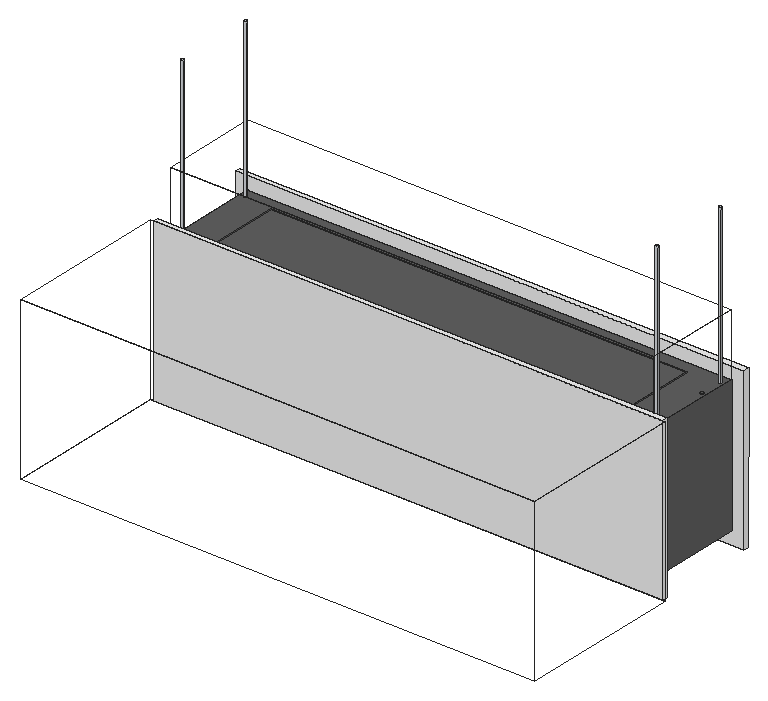
Revit family "AIRTECNICS_AIR CURTAIN_ZEN BB_ELECTRICAL HEATED (E)", category Equipos mecánicos, Revit 2016
Family settings
  Tipo de pieza = Normal
  Cota de conector redondo = Diámetro de uso
  Número OmniClass = 23.75.70.21.17
  Título OmniClass = Air Curtains
  Se basa en plano de trabajo = No
  Siempre vertical = Sí
  Corte con vacíos al cargar = No
  Compartido = No
  Punto de cálculo de habitación = No
Parameters (values of type "ZEN BB 1500 E")
  · POSITION · [instance] = "-/ Select Curtain Position /-"  # constant formula
  · OTHERS · [instance] = "-/ Select Supports - Inst.Maint. Space /-"  # constant formula
  · HEATING · [instance] = "-/ Select Heating /-"  # constant formula
  Weight [instance] = size_lookup(Name_Lookup_Data, "Weight", 1.00 kg, CT)  # 71.50 kg
  Voltage [instance] = 400 V  # constant formula
  Vertical Right [instance] = no
  Vertical Left [instance] = no
  URL_Manufacturer = "https://www.airtecnics.com"
  URL_Datasheet = "https://www.airtecnics.com/download/file/7538/zen-bb.pdf"
  Supports Length [instance] = 500.0 mm
  Supports (Horizontal) [instance] = yes
  Revit Version = "Revit 2016 - English"  # constant formula
  Review Date = "02/2019"  # constant formula
  Remote Control = "-"  # constant formula
  URL = "https://www.airtecnics.com/products/air-curtain-zen-bb"
  Product Size = if(L = 1000.0 mm, "1000", if(L = 1500.0 mm, "1500", if(L = 2000.0 mm, "2000", "2500")))  # "1500"
  Product Reference [instance] = size_lookup(Name_Lookup_Ref, "", "Consult Manufacturer", CT)  # "ZEN BB 1500 E"
  Product Heating [instance] = if(CE = 0, "E Standard", if(CE = 2, "E Limited 1/3", "E Limited 2/3"))  # "E Standard"
  Product Description [instance] = size_lookup(Name_Lookup_Data, "", "Consult Manufacturer", CT)  # "Decorative air curtain in contemporary architectural style. Its minimalist and smart design integrates in any environment and offers infinite options to customize.\r\nThe panels can include logos, lighting, signage, safety or information signs, graphics, pictures, clocks, all according to customer specifications.\r\nFront anodized aluminium panels. Optionally manufactured in brushed or mirror polished stainless steel. Other materials are possible, such as galvanized steel, smooth or texturated skinplate, wood, etc.\r\nCentral structure made of galvanized steel finished in black forge as standard. Other colours are available on request. \r\nAnodized aluminium outlet vanes, airfoil shaped, adjustable in both directions.\r\nEC Double-inlet centrifugal fans driven by an external rotor motor and low noise level, with very low consumption efficency fans.\r\n“E” type with electrical shielded elements, three stages with integrated regulation. \r\nIncludes Clever control (programmable, automatic, intelligent, energy saving, Modbus RTU for BMS…)\r\nAir Volume: 5360 m3/h \r\nFans:  1,164 kW  5,16 A 230Vx1 50/60Hz\r\nHeating power: 8/19/27 kW (400Vx3)\r\nDimensions: 341x513x1620 mm (depth, height, length)"
  Power Fans Factor [instance] = (Power Fans) / (230 V * Current Fans)  # 0.98079
  Power Fans [instance] = size_lookup(Name_Lookup_Data, "Power Fans", 1 kW, CT)  # 1.164 kW
  Power Factor [instance] = size_lookup(Name_Lookup_Data, "Power Factor", 1, CT)  # 0.98
  Noise Level (dB(A)) [instance] = size_lookup(Name_Lookup_Data, "Noise Level (dB(A))", 1, CT)  # 67
  Name_Lookup_Ref = "ZEN BB_(E)_Ref_Lookup"  # constant formula
  Name_Lookup_Data = "ZEN BB_(E)_Data_Lookup"  # constant formula
  Modelo = "Air Curtain ZEN BB E"  # constant formula
  Material Panels [instance] = AIRTECNICS_Alumium Anodized
  Material Grille = AIRTECNICS_Perforated_Black Forge
  Material Curtain [instance] = AIRTECNICS_Black Forge
  Length = if(L = 1000.0 mm, 1220.0 mm, if(L = 1500.0 mm, 1620.0 mm, if(L = 2000.0 mm, 2120.0 mm, 2620.0 mm)))  # 1620.0 mm
  Height = 513.0 mm  # constant formula
  Frequency = 50 Hz  # constant formula
  Fans Stage = 5  # constant formula
  Family Version = "1.0"  # constant formula
  Electrical Heating Capacity (kW) [instance] = size_lookup("ZEN BB_(E)_Ref Electrical_Lookup", "", "Consult Manufacturer", CT, CE)  # "8/19/27"
  Electrical + Current Fans [instance] = size_lookup(Name_Lookup_Data, "Electrical + Current Fans", 1 A, CT)  # 44.18 A
  E Standard [instance] = if(or([E Limited 1/3], [E Limited 2/3]), 1 = 0, 1 = 1)  # yes
  E Limited 2/3 [instance] = no
  E Limited 1/3 [instance] = no
  Depth = 341.0 mm  # constant formula
  Current Fans [instance] = size_lookup(Name_Lookup_Data, "Current Fans", 1 A, CT)  # 5.16 A
  Created by = "BIMETRICAL"  # constant formula
  Control [instance] = "Clever Kit"  # constant formula
  Cable = "CB10"  # constant formula
  CT [instance] = if(L = 1000.0 mm, 2, 0) + if(L = 1500.0 mm, 4, 0) + if(L = 2000.0 mm, 8, 0) + if(L = 2500.0 mm, 16, 0)  # 4
  CE [instance] = if([E Limited 1/3], 2, 0) + if([E Limited 2/3], 4, 0)  # 0
  Aspiration/Maintenance Space [instance] = yes
  Airflow [instance] = size_lookup(Name_Lookup_Data, "Airflow", 1 m³/h, CT)  # 5360 m³/h
  A [instance] = if(Horizontal, 256.5 mm, if(L < 1500.0 mm, (1220.0 mm / 2) + 18.0 mm, (L + 120.0 mm) / 2 + 18.0 mm))  # 256.5 mm
  L = 1500.0 mm
  Imagen de tipo = <Ninguno>
  IfcExportType = "ELECTRICHEATINGCOIL"  # constant formula
  IfcExportAs = "IfcCoilType"  # constant formula
  Horizontal [instance] = if(or(Vertical Left, Vertical Right), 1 = 0, 1 = 1)  # yes
  Fabricante = "AIRTECNICS"  # constant formula
  Description = ""
  Comentarios de tipo = "Decorative air curtain in contemporary architectural style. Its minimalist and smart design integrates in any environment and offers infinite options to customize.\r\nThe panels can include logos, lighting, signage, safety or information signs, graphics, pictures, clocks, all according to customer specifications.\r\nFront anodized aluminium panels. Optionally manufactured in brushed or mirror polished stainless steel. Other materials are possible, such as galvanized steel, smooth or texturated skinplate, wood, etc.\r\nCentral structure made of galvanized steel finished in black forge as standard. Other colours are available on request. \r\nAnodized aluminium outlet vanes, airfoil shaped, adjustable in both directions.\r\nEC Double-inlet centrifugal fans driven by an external rotor motor and low noise level, with very low consumption efficency fans.\r\n“P” type with water heated coil. “E” type with electrical shielded elements, three stages with integrated regulation. “A” type without heating, air only. Optional expansion DX coil.\r\nIncludes Clever control (programmable, automatic, intelligent, energy saving, Modbus RTU for BMS…)"  # constant formula
  BIMETRICAL Category = "Coil"  # constant formula
  BIMETRICAL = "http://www.bimetrical.com"  # constant formula
  Angle [instance] = if(Horizontal, 90.00°, if(Vertical Left, 180.00°, 0.00°))  # 90.00°
  3rd Phase [instance] = size_lookup(Name_Lookup_Data, "3rd Phase", 1 VA, CT)  # 9000 VA
  2nd Phase [instance] = size_lookup(Name_Lookup_Data, "2nd Phase", 1 VA, CT)  # 9000 VA
  1st Phase [instance] = size_lookup(Name_Lookup_Data, "1st Phase", 1 VA, CT)  # 10164 VA
Types (4, lengths in mm): name | Weight | Product Size | Product Reference | Product Description | Power Fans | Noise Level (dB(A)) | Length | Electrical Heating Capacity (kW) | Electrical + Current Fans | Current Fans | CT | Airflow | L | 3rd Phase | 2nd Phase | 1st Phase
  ZEN BB 1000 E | 49.50 kg | "1000" | "ZEN BB 1000 E" | "Decorative air curtain in contemporary architectural style. Its minimalist and smart design integrates in any environment and offers infinite options to customize.\r\nThe panels can include logos, lighting, signage, safety or information signs, graphics, pictures, clocks, all according to customer specifications.\r\nFront anodized aluminium panels. Optionally manufactured in brushed or mirror polished stainless steel. Other materials are possible, such as galvanized steel, smooth or texturated skinplate, wood, etc.\r\nCentral structure made of galvanized steel finished in black forge as standard. Other colours are available on request. \r\nAnodized aluminium outlet vanes, airfoil shaped, adjustable in both directions.\r\nEC Double-inlet centrifugal fans driven by an external rotor motor and low noise level, with very low consumption efficency fans.\r\n“E” type with electrical shielded elements, three stages with integrated regulation. \r\nIncludes Clever control (programmable, automatic, intelligent, energy saving, Modbus RTU for BMS…)\r\nAir Volume: 4020 m3/h \r\nFans:  0,873 kW  3,87 A 230Vx1 50/60Hz\r\nHeating power: 6/15/21 kW (400Vx3)\r\nDimensions: 341x513x1220 mm (depth, height, length)" | 0.873 kW | 66 | 1220.0 | "6/15/21" | 34.22 A | 3.87 A | 2 | 4020 m³/h | 1000.0 | 7000 VA | 7000 VA | 7873 VA
  ZEN BB 1500 E | 71.50 kg | "1500" | "ZEN BB 1500 E" | "Decorative air curtain in contemporary architectural style. Its minimalist and smart design integrates in any environment and offers infinite options to customize.\r\nThe panels can include logos, lighting, signage, safety or information signs, graphics, pictures, clocks, all according to customer specifications.\r\nFront anodized aluminium panels. Optionally manufactured in brushed or mirror polished stainless steel. Other materials are possible, such as galvanized steel, smooth or texturated skinplate, wood, etc.\r\nCentral structure made of galvanized steel finished in black forge as standard. Other colours are available on request. \r\nAnodized aluminium outlet vanes, airfoil shaped, adjustable in both directions.\r\nEC Double-inlet centrifugal fans driven by an external rotor motor and low noise level, with very low consumption efficency fans.\r\n“E” type with electrical shielded elements, three stages with integrated regulation. \r\nIncludes Clever control (programmable, automatic, intelligent, energy saving, Modbus RTU for BMS…)\r\nAir Volume: 5360 m3/h \r\nFans:  1,164 kW  5,16 A 230Vx1 50/60Hz\r\nHeating power: 8/19/27 kW (400Vx3)\r\nDimensions: 341x513x1620 mm (depth, height, length)" | 1.164 kW | 67 | 1620.0 | "8/19/27" | 44.18 A | 5.16 A | 4 | 5360 m³/h | 1500.0 | 9000 VA | 9000 VA | 10164 VA
  ZEN BB 2000 E | 99.00 kg | "2000" | "ZEN BB 2000 E" | "Decorative air curtain in contemporary architectural style. Its minimalist and smart design integrates in any environment and offers infinite options to customize.\r\nThe panels can include logos, lighting, signage, safety or information signs, graphics, pictures, clocks, all according to customer specifications.\r\nFront anodized aluminium panels. Optionally manufactured in brushed or mirror polished stainless steel. Other materials are possible, such as galvanized steel, smooth or texturated skinplate, wood, etc.\r\nCentral structure made of galvanized steel finished in black forge as standard. Other colours are available on request. \r\nAnodized aluminium outlet vanes, airfoil shaped, adjustable in both directions.\r\nEC Double-inlet centrifugal fans driven by an external rotor motor and low noise level, with very low consumption efficency fans.\r\n“E” type with electrical shielded elements, three stages with integrated regulation. \r\nIncludes Clever control (programmable, automatic, intelligent, energy saving, Modbus RTU for BMS…)\r\nAir Volume: 8040 m3/h \r\nFans:  1,746 kW  7,74 A 230Vx1 50/60Hz\r\nHeating power: 12/30/42 kW (400Vx3)\r\nDimensions: 341x513x2120 mm (depth, height, length)" | 1.746 kW | 68 | 2120.0 | "12/30/42" | 68.43 A | 7.74 A | 8 | 8040 m³/h | 2000.0 | 14000 VA | 14000 VA | 15746 VA
  ZEN BB 2500 E | 120.00 kg | "2500" | "ZEN BB 2500 E" | "Decorative air curtain in contemporary architectural style. Its minimalist and smart design integrates in any environment and offers infinite options to customize.\r\nThe panels can include logos, lighting, signage, safety or information signs, graphics, pictures, clocks, all according to customer specifications.\r\nFront anodized aluminium panels. Optionally manufactured in brushed or mirror polished stainless steel. Other materials are possible, such as galvanized steel, smooth or texturated skinplate, wood, etc.\r\nCentral structure made of galvanized steel finished in black forge as standard. Other colours are available on request. \r\nAnodized aluminium outlet vanes, airfoil shaped, adjustable in both directions.\r\nEC Double-inlet centrifugal fans driven by an external rotor motor and low noise level, with very low consumption efficency fans.\r\n“E” type with electrical shielded elements, three stages with integrated regulation. \r\nIncludes Clever control (programmable, automatic, intelligent, energy saving, Modbus RTU for BMS…)\r\nAir Volume: 9380 m3/h \r\nFans:  2,037 kW  9,03 A 230Vx1 50/60Hz\r\nHeating power: 16/30/46 kW (400Vx3)\r\nDimensions: 341x513x2620 mm (depth, height, length)" | 2.037 kW | 69 | 2620.0 | "16/30/46" | 75.5 A | 9.03 A | 16 | 9380 m³/h | 2500.0 | 15333 VA | 15333 VA | 17370 VA
Reference planes
  plane 1 "Centro (Frontal/Posterior)": z = 0
  plane 2: y = 246.57
  plane 3 "Centro (Izquierda/Derecha)": x = 0
  plane 4 "Susp": z = 256.5
Lines and regions (mm)
  reference lines
    curve 1: line (0, 246.57, 256.5) -> (0, 246.57, 111.5)
Dimensions and locks
  "A": plane 4 "Susp" to plane 1 "Centro (Frontal/Posterior)"
  "Angle": angle plane 4 "Susp" to curve 1
  aligned and locked: plane 3 "Centro (Izquierda/Derecha)" to curve 1
  aligned and locked: plane 4 "Susp" to curve 1
Nested families
  nested 1: "GEOM_ZEN BB" at (0, 246.57, 256.5), type "GEOM_ZEN BB"
    with Z 0.0 mm, Vertical Left no, VME no, VMD no, V1 yes, P no, D_Pipping_Connector 20 mm, Horizontal yes
Connectors
  electrical at (755.5, 301.57, 473), driven by "Voltage", driven by "1st Phase", driven by "2nd Phase", driven by "3rd Phase"
    settings: on nested 1, index 1, voltage 400 V, apparent load 0 VA, apparent load phase1 10164 VA, apparent load phase2 9000 VA, apparent load phase3 9000 VA, power factor 1, load classification "HVAC", number of poles 3, system type 31, power factor state 1, is connector primary yes, connector utility no, sub classification motor no, connector description ""
Definition of nested family "GEOM_ZEN BB"
  Parameters (values of type "GEOM_ZEN BB")
    Z = if(Horizontal, 0.0 mm, if(L = 1000.0 mm, E / 2 + 18.0 mm, E / 2 + 20.0 mm))  # 830.0 mm
    Water Pipes_P4 = no
    Water Pipes_P3 = no
    Water Pipes_P2 = no
    Water Pipes_P1 = no
    Vsup = yes
    Vertical Right = no
    Vertical Left = yes
    VME = if(and(P, Vertical Right, Water Pipes_P4), 1 = 0, if(not(P), 1 = 0, 1 = 1))  # yes
    VMD = if(and(P, Vertical Left, Water Pipes_P1), 1 = 0, if(not(P), 1 = 0, 1 = 1))  # yes
    V1 = if(and(Vsup, Horizontal), 1 = 1, 1 = 0)  # no
    Revit Version = "Revit 2016 - English"  # constant formula
    Review Date = "02/19"  # constant formula
    P = yes
    O = if(L = 1000.0 mm, 54.5 mm, 52.5 mm)  # 52.5 mm
    Model = "ZEN BB"  # constant formula
    Material Perforated = none
    Material Panels = none
    Material Curtain = none
    Family Version = "2.0"  # constant formula
    Manufacturer = "AIRTECNICS"  # constant formula
    M = if(or(and(Vertical Left, Water Pipes_P1), and(Vertical Right, Water Pipes_P4)), 15.0 mm + 58.0 mm, 15.0 mm)  # 15.0 mm
    Lookup_Dimensions.C2_Name = "C2_Dimensions_Lookup"  # constant formula
    Lookup_Dimensions.C1_Name = "C1_Dimensions_Lookup"  # constant formula
    L_Sup = 500.0 mm
    K = if(L = 2500.0 mm, 833.0 mm, 0.0 mm)  # 0.0 mm
    J = if(L = 1500.0 mm, 764.0 mm, if(L = 2000.0 mm, 1014.0 mm, if(L = 2500.0 mm, 847.0 mm, 573.5 mm)))  # 764.0 mm
    H = if(L < 2500.0 mm, 0.0 mm, 817.0 mm + 16.0 mm)  # 0.0 mm
    G = if(L < 2500.0 mm, (E / 2) - 76.0 mm, 817.0 mm)  # 734.0 mm
    D_Pipping_Connector = 25 mm
    Created by = "BIMETRICAL"  # constant formula
    C_P = if(Water Pipes_P1, 1, if(Water Pipes_P2, 2, if(Water Pipes_P3, 4, 8)))  # 8
    C_L = if(L = 1000.0 mm, 1, if(L = 1500.0 mm, 2, if(L = 2000.0 mm, 4, 8)))  # 2
    C2_D = size_lookup(Lookup_Dimensions.C2_Name, "C2_D", 114.0 mm, C_L, C_P)  # 52.5 mm
    C2_C = size_lookup(Lookup_Dimensions.C2_Name, "C2_C", 68.5 mm, C_L, C_P)  # 53.0 mm
    C2_B = size_lookup(Lookup_Dimensions.C2_Name, "C2_B", 92.9 mm, C_L, C_P)  # 1527.05 mm
    C2_A = size_lookup(Lookup_Dimensions.C2_Name, "C2_A", 404.5 mm, C_L, C_P)  # 403.5 mm
    C1_D = size_lookup(Lookup_Dimensions.C1_Name, "C1_D", 54.0 mm, C_L, C_P)  # 291.0 mm
    C1_C = size_lookup(Lookup_Dimensions.C1_Name, "C1_C", 26.5 mm, C_L, C_P)  # 52.95 mm
    C1_B = size_lookup(Lookup_Dimensions.C1_Name, "C1_B", 92.9 mm, C_L, C_P)  # 1527.05 mm
    C1_A = size_lookup(Lookup_Dimensions.C1_Name, "C1_A", 447.5 mm, C_L, C_P)  # 446.5 mm
    L = 1500.0 mm
    I = if(L = 1000.0 mm, L + 140.0 mm, L + 44.0 mm)  # 1544.0 mm
    Horizontal = not(or(Vertical Left, Vertical Right))  # no
    F = I - 54.0 mm  # 1490.0 mm
    E = if(L = 1000.0 mm, L + 220.0 mm, L + 120.0 mm)  # 1620.0 mm
    Default Elevation = 1219.2 mm
    C = if(and(Water Pipes_P4, Horizontal, P), 100.0 mm, if(and(Water Pipes_P4, Vertical Left, P), 100.0 mm, 10.0 mm))  # 10.0 mm
    BIMETRICAL = "http://www.bimetrical.com/"  # constant formula
    B = if(and(Water Pipes_P1, Horizontal, P), 100.0 mm, if(and(Water Pipes_P1, Vertical Right, P), 100.0 mm, 10.0 mm))  # 10.0 mm
    Aspiration/Maintenance Space = yes
    A.Conn_2 = size_lookup(Lookup_Dimensions.C2_Name, "A.Conn_2", 90.00°, C_L, C_P)  # 180.00°
    A.Conn_1 = size_lookup(Lookup_Dimensions.C1_Name, "A.Conn_1", -90.00°, C_L, C_P)  # 180.00°
    A = if(L = 1000.0 mm, L + 115.0 mm, L + 15.0 mm)  # 1515.0 mm
  Reference planes
    plane 1 "Centro (Frontal/Posterior)": y = 0
    plane 2: z = 0
    plane 3 "Centro (Izquierda/Derecha)": x = 0
    plane 4: x = -810
    plane 5: x = 810
    plane 6: x = -770
    plane 7: x = 770
    plane 8: z = 256.5
    plane 9: z = -256.5
    plane 10: z = 216.5
    plane 11: z = -216.5
    plane 12: y = 170.5
    plane 13: y = 154.5
    plane 14: y = -170.5
    plane 15: y = -154.5
    plane 16: x = -745
    plane 17: x = 745
    plane 18: x = 0
    plane 19: x = -5
    plane 20: x = -8
    plane 21: x = 5
    plane 22: x = 8
    plane 23: x = -742
    plane 24: x = 0
    plane 25: x = -5
    plane 26: x = -8
    plane 27: x = 5
    plane 28: x = 8
    plane 29: y = -120.5
    plane 30: x = 717.05
    plane 31: z = 190
    plane 32: y = 118
    plane 33: z = 147
    plane 34: x = 717.05
    plane 35: x = -820
    plane 36: x = 820
    plane 37: y = 133.499
    plane 38: y = 64.222
    plane 39: y = 114.86
    plane 40: y = 82.86
  Forms (mm)
    Extrusion 1, solid
      sketch origin (0, 0, 0) x (1, 0, 0) y (0, 1, 0)
        loop
          line (-1219.2, 1219.2) -> (-1219.2, -1219.2) -> (1219.2, -1219.2) -> (1219.2, 1219.2) -> (-1219.2, 1219.2)
      from 0 to -304.8
    Extrusion 2, solid, material <- "Material Panels"
      sketch origin (0, -170.5, 326.389) x (0, 0, 1) y (1, 0, 0)
        loop
          line (-69.889, -810) -> (-69.889, 810) -> (-582.889, 810) -> (-582.889, -810) -> (-69.889, -810)
      from 0 to 16
    Extrusion 3, solid, material <- "Material Panels"
      sketch origin (0, 154.5, 326.389) x (0, 0, 1) y (1, 0, 0)
        loop
          line (-69.889, -810) -> (-69.889, 810) -> (-582.889, 810) -> (-582.889, -810) -> (-69.889, -810)
      from 0 to 16
    Extrusion 4, solid, material <- "Material Curtain"
      sketch origin (0, 0, 0) x (0, 1, 0) y (0, 0, 1)
        loop
          line (154.5, 216.5) -> (-154.5, 216.5) -> (-154.5, -216.5) -> (154.5, -216.5) -> (154.5, 216.5)
      from -770 to 770
    Extrusion 5, void
      sketch origin (-1104.823, -4572, 216.5) x (-1, 0, 0) y (0, -1, 0)
        loop
          line (-439.823, -4686) -> (-439.823, -4458) -> (-1764.323, -4458) -> (-1764.323, -4686) -> (-439.823, -4686)
      from 0 to -93
    Extrusion 6, solid
      sketch origin (-745, -4572, -102.205) x (0, 0, 1) y (0, -1, 0)
        loop
          line (-114.295, -4654.86) -> (-114.295, -4686.86) -> (-82.295, -4686.86) -> (-82.295, -4654.86) -> (-114.295, -4654.86)
      from 0 to 3
    Extrusion 7, solid
      sketch origin (995, -4572, -102.205) x (0, 0, 1) y (0, 1, 0)
        loop
          line (-114.295, 4686.86) -> (-114.295, 4654.86) -> (-82.295, 4654.86) -> (-82.295, 4686.86) -> (-114.295, 4686.86)
      from 250 to 253
    Extrusion 8, solid
      sketch origin (-8, -4572, -85.115) x (0, 0, 1) y (0, -1, 0)
        loop
          line (-131.385, -4654.86) -> (-131.385, -4686.86) -> (-99.385, -4686.86) -> (-99.385, -4654.86) -> (-131.385, -4654.86)
      from 0 to 3
    Extrusion 9, solid
      sketch origin (-540.688, -4572, -85.115) x (0, 0, 1) y (0, -1, 0)
        loop
          line (-131.385, -4686.86) -> (-99.385, -4686.86) -> (-99.385, -4654.86) -> (-131.385, -4654.86) -> (-131.385, -4686.86)
      from 545.688 to 548.688
    Extrusion 10, solid
      sketch origin (-5, -4572, -85.115) x (0, 0, 1) y (0, -1, 0)
        loop
          line (-131.385, -4705.499) -> (-99.385, -4705.499) -> (-99.385, -4636.222) -> (-131.385, -4636.222) -> (-131.385, -4705.499)
      from 0 to 10
    Extrusion 11, solid
      sketch origin (-8, -4572, -85.115) x (0, 0, 1) y (0, -1, 0)
        loop
          line (-131.385, -4686.86) -> (-99.385, -4686.86) -> (-99.385, -4654.86) -> (-131.385, -4654.86) -> (-131.385, -4686.86)
      from 0 to 3
    Extrusion 12, solid
      sketch origin (292.312, -4572, -85.115) x (0, 0, 1) y (0, -1, 0)
        loop
          line (-131.385, -4686.86) -> (-99.385, -4686.86) -> (-99.385, -4654.86) -> (-131.385, -4654.86) -> (-131.385, -4686.86)
      from -287.312 to -284.312
    Extrusion 13, solid
      sketch origin (-5, -4572, -85.115) x (0, 0, 1) y (0, -1, 0)
        loop
          line (-131.385, -4636.222) -> (-131.385, -4705.499) -> (-99.385, -4705.499) -> (-99.385, -4636.222) -> (-131.385, -4636.222)
      from 0 to 10
    Extrusion 14, solid, visible <- "P"
      sketch origin (770, -119.74, 190.115) x (0, 1, 0) y (0, 0, 1)
        loop
          circle (-0.76, -0.115) r 12.5
      from 0 to 15 <- "M"
    Extrusion 15, solid, visible <- "P"
      sketch origin (770.05, 118, 109.716) x (0, 1, 0) y (0, 0, 1)
        loop
          circle (-0.05, 37.284) r 12.5
      from 0 to 15 <- "M"
    Extrusion 16, solid, material <- "Material Curtain"
      sketch origin (-1104.823, -4572, 216.5) x (-1, 0, 0) y (0, -1, 0)
        loop
          circle (-1860.323, -4627) r 5
      from 0 to -1
    Extrusion 17, solid, visible <- "Aspiration/Maintenance Space"
      sketch origin (-5, -4572, -85.115) x (0, 0, 1) y (0, -1, 0)
        loop
          line (501.615, -4726.5) -> (501.615, -4417.5) -> (301.615, -4417.5) -> (301.615, -4726.5) -> (501.615, -4726.5)
      from -765 to 775
    Extrusion 18, solid, visible <- "Aspiration/Maintenance Space"
      sketch origin (-5, -4572, -85.115) x (0, 0, 1) y (0, -1, 0)
        loop
          line (341.615, -4401.5) -> (341.615, -3881.5) -> (-171.385, -3881.5) -> (-171.385, -4401.5) -> (341.615, -4401.5)
      from -815 to 825
    Extrusion 19, solid, visible <- "V1"
      sketch origin (-1104.823, -4572, 216.5) x (-1, 0, 0) y (0, -1, 0)
        loop
          circle (-349.323, -4698) r 4
        loop
          circle (-349.323, -4446) r 4
        loop
          circle (-1860.323, -4698) r 4
        loop
          circle (-1860.323, -4446) r 4
      from -1 to 500
    Extrusion 20, solid, material <- "Material Curtain", visible <- "Vertical Left"
      sketch origin (-770, -4572, 335.707) x (0, 0, 1) y (0, -1, 0)
        loop
          line (-119.207, -4726.5) -> (-119.207, -4417.5) -> (-552.207, -4417.5) -> (-552.207, -4726.5) -> (-119.207, -4726.5)
      from 0 to -58
    Extrusion 21, solid, material <- "Material Curtain", visible <- "Vertical Right"
      sketch origin (770, -4572, 335.707) x (0, 0, 1) y (0, 1, 0)
        loop
          line (-552.207, 4417.5) -> (-119.207, 4417.5) -> (-119.207, 4726.5) -> (-552.207, 4726.5) -> (-552.207, 4417.5)
      from 0 to -58
    Extrusion 22, void
      sketch origin (-5, -4572, -85.115) x (0, 0, 1) y (0, -1, 0)
        loop
          line (-62.286, -4705.499) -> (-62.286, -4636.222) -> (-131.385, -4636.222) -> (-131.385, -4705.499) -> (-62.286, -4705.499)
      from -740 to 750
    Extrusion 23, solid
      sketch origin (-5, -4572, -85.115) x (0, 0, 1) y (0, -1, 0)
        loop
          arc (-128.628, -4679.508) -> (-129.788, -4680.87) -> (-128.6, -4682.207) r 1.363
          line (-128.6, -4682.207) -> (-109.335, -4685.649)
          arc (-109.335, -4685.649) -> (-105.016, -4680.91) -> (-109.832, -4676.675) r 4.495
          line (-109.832, -4676.675) -> (-128.628, -4679.508)
        loop
          line (-128.569, -4662.571) -> (-109.226, -4665.545)
          arc (-109.226, -4665.545) -> (-105.023, -4660.702) -> (-109.94, -4656.586) r 4.495
          line (-109.94, -4656.586) -> (-128.663, -4659.873)
          arc (-128.663, -4659.873) -> (-129.789, -4661.263) -> (-128.569, -4662.571) r 1.363
      from -740 to 750
    Extrusion 24, solid, visible <- "VMD"
      sketch origin (-770, -4572, 335.707) x (0, 0, 1) y (0, -1, 0)
        loop
          line (-119.207, -4726.5) -> (-119.207, -4417.5) -> (-552.207, -4417.5) -> (-552.207, -4726.5) -> (-119.207, -4726.5)
      from 0 to -10
    Extrusion 25, solid, visible <- "VME"
      sketch origin (770, -4572, 335.707) x (0, 0, 1) y (0, 1, 0)
        loop
          line (-552.207, 4726.5) -> (-552.207, 4417.5) -> (-119.207, 4417.5) -> (-119.207, 4726.5) -> (-552.207, 4726.5)
      from 0 to -10
    Extrusion 26, solid, material <- "Material Perforated"
      sketch origin (4942.502, -2468.783, 211.5) x (0, -1, 0) y (1, 0, 0)
        loop
          line (-2354.783, -5607.502) -> (-2354.783, -4283.002) -> (-2582.783, -4283.002) -> (-2582.783, -5607.502) -> (-2354.783, -5607.502)
      from 0 to 5
  Cuts and joins
    Extrusion 5, Extrusion 22 cuts Extrusion 4
    Extrusion 22 cuts Extrusion 21
  Lines and regions (mm)
    reference lines
      curve 1: line (717.05, -120.5, 190) -> (770, -120.5, 190)
      curve 2: line (717.05, 118, 147) -> (770.05, 118, 147)
    symbolic lines, visible <- "Aspiration/Maintenance Space"
      curve 3: line (-5, 154.5, 216.5) -> (-5, 154.5, 416.5)
      curve 4: line (-5, 154.5, 416.5) -> (-5, -154.5, 416.5)
      curve 5: line (-5, -154.5, 416.5) -> (-5, -154.5, 216.5)
      curve 6: line (-5, -170.5, 256.5) -> (-5, -690.5, 256.5)
      curve 7: line (-5, -690.5, 256.5) -> (-5, -690.5, -256.5)
      curve 8: line (-5, -690.5, -256.5) -> (-5, -170.5, -256.5)
      curve 9: line (-770, 118, 256.5) -> (-770, 118, 416.5)
      curve 10: line (-770, 118, 416.5) -> (770, 118, 416.5)
      curve 11: line (770, 118, 416.5) -> (770, 118, 256.5)
      curve 12: line (-810, 118, 256.5) -> (-820, 118, 256.5)
      curve 13: line (-820, 118, 256.5) -> (-820, 118, -256.5)
      curve 14: line (-820, 118, -256.5) -> (-810, 118, -256.5)
      curve 15: line (810, 118, 256.5) -> (820, 118, 256.5)
      curve 16: line (820, 118, 256.5) -> (820, 118, -256.5)
      curve 17: line (820, 118, -256.5) -> (810, 118, -256.5)
      curve 18: line (-810, -170.5, 216.5) -> (-820, -170.5, 216.5)
      curve 19: line (-820, -170.5, 216.5) -> (-820, -690.5, 216.5)
      curve 20: line (-820, -690.5, 216.5) -> (820, -690.5, 216.5)
      curve 21: line (820, -690.5, 216.5) -> (820, -170.5, 216.5)
      curve 22: line (820, -170.5, 216.5) -> (810, -170.5, 216.5)
    symbolic lines
      curve 23: line (-810, 170.5, 216.5) -> (810, 170.5, 216.5)
      curve 24: line (-810, 154.5, 216.5) -> (-810, 170.5, 216.5)
      curve 25: line (810, 154.5, 216.5) -> (-810, 154.5, 216.5)
      curve 26: line (810, 170.5, 216.5) -> (810, 154.5, 216.5)
      curve 27: line (-810, -154.5, 216.5) -> (810, -154.5, 216.5)
      curve 28: line (-810, -170.5, 216.5) -> (-810, -154.5, 216.5)
      curve 29: line (810, -170.5, 216.5) -> (-810, -170.5, 216.5)
      curve 30: line (810, -154.5, 216.5) -> (810, -170.5, 216.5)
      curve 31: line (-770, -154.5, 216.5) -> (770, -154.5, 216.5)
      curve 32: line (-770, 154.5, 216.5) -> (-770, -154.5, 216.5)
      curve 33: line (770, 154.5, 216.5) -> (-770, 154.5, 216.5)
      curve 34: line (770, -154.5, 216.5) -> (770, 154.5, 216.5)
      curve 35: line (-5, -154.5, 256.5) -> (-5, -170.5, 256.5)
      curve 36: line (-5, -154.5, -256.5) -> (-5, -154.5, 256.5)
      curve 37: line (-5, -170.5, -256.5) -> (-5, -154.5, -256.5)
      curve 38: line (-5, -170.5, 256.5) -> (-5, -170.5, -256.5)
      curve 39: line (-5, 154.5, 216.5) -> (-5, -154.5, 216.5)
      curve 40: line (-5, 154.5, -216.5) -> (-5, -154.5, -216.5)
      curve 41: line (-5, 170.5, 256.5) -> (-5, 154.5, 256.5)
      curve 42: line (-5, 170.5, -256.5) -> (-5, 170.5, 256.5)
      curve 43: line (-5, 154.5, -256.5) -> (-5, 170.5, -256.5)
      curve 44: line (-5, 154.5, 256.5) -> (-5, 154.5, -256.5)
      curve 45: arc (-5, 107.508, -213.743) -> (-5, 108.87, -214.903) -> (-5, 110.207, -213.715) r 1.363
      curve 46: line (-5, 110.207, -213.715) -> (-5, 113.649, -194.45)
      curve 47: arc (-5, 113.649, -194.45) -> (-5, 108.91, -190.131) -> (-5, 104.675, -194.947) r 4.495
      curve 48: line (-5, 104.675, -194.947) -> (-5, 107.508, -213.743)
      curve 49: line (-5, 90.571, -213.684) -> (-5, 93.545, -194.342)
      curve 50: line (-5, 84.586, -195.055) -> (-5, 87.873, -213.778)
      curve 51: arc (-5, 87.873, -213.778) -> (-5, 89.263, -214.904) -> (-5, 90.571, -213.684) r 1.363
      curve 52: arc (-5, 93.545, -194.342) -> (-5, 88.702, -190.138) -> (-5, 84.586, -195.055) r 4.495
      curve 53: line (-745, 93.545, 216.5) -> (745, 93.545, 216.5)
      curve 54: line (-745, 84.565, 216.5) -> (-745, 93.545, 216.5)
      curve 55: line (745, 84.565, 216.5) -> (-745, 84.565, 216.5)
      curve 56: line (745, 93.545, 216.5) -> (745, 84.565, 216.5)
      curve 57: line (745, 104.458, 216.5) -> (-745, 104.458, 216.5)
      curve 58: line (745, 113.432, 216.5) -> (745, 104.458, 216.5)
      curve 59: line (-745, 113.432, 216.5) -> (745, 113.432, 216.5)
      curve 60: line (-745, 104.458, 216.5) -> (-745, 113.432, 216.5)
  Dimensions and locks
    equal spacing: plane 5, plane 3 "Centro (Izquierda/Derecha)", plane 4
    "E": plane 5 to plane 4
    locked: plane 6 to plane 4 at 40
    locked: plane 7 to plane 5 at 40
    equal spacing: plane 8, level, plane 9
    locked: plane 8 to level at 256.5
    plane 8 to plane 9 = 513.0 mm
    locked: plane 8 to plane 10 at 40
    locked: plane 9 to plane 11 at 40
    locked: plane 12 to plane 13 at 16
    locked: plane 14 to plane 15 at 16
    locked: plane 12 to plane 1 "Centro (Frontal/Posterior)" at 170.5
    equal spacing: plane 12, plane 1 "Centro (Frontal/Posterior)", plane 14
    equal spacing: Extrusion 5 sketch curve, plane 1 "Centro (Frontal/Posterior)", Extrusion 5 sketch curve
    locked: Extrusion 5 sketch curve to Extrusion 5 sketch curve at 228
    locked: plane 4 to Extrusion 5 sketch curve at 145
    locked: Extrusion 5 sketch curve to plane 5 at 150.5
    locked: plane 16 to plane 4 at 65
    locked: plane 17 to plane 5 at 65
    locked: Extrusion 7 to plane 17 at 3
    plane 22 to plane 21 to plane 18 to plane 19 to plane 20 = 3.0 mm locked, 5.0 mm locked, 5.0 mm locked, 3.0 mm locked
    locked: plane 23 to plane 16 at 3
    "G": plane 20 to plane 23
    plane 28 to plane 27 to plane 24 to plane 25 to plane 26 = 3.0 mm locked, 5.0 mm locked, 5.0 mm locked, 3.0 mm locked
    "H": plane 26 to plane 20
    locked: plane 10 to cut or joined group of Extrusion 4, Extrusion 5, Extrusion 22 at 93
    "C1_D": plane 29 to plane 12
    "C1_B": plane 30 to plane 4
    "C1_A": plane 31 to plane 9
    "C1_C": curve 1 to curve 1
    "C2_D": plane 32 to plane 12
    "C2_A": plane 33 to plane 9
    "C2_B": plane 34 to plane 4
    plane 34 to plane 7 = 52.95 mm
    "C2_C": curve 2 to curve 2
    locked: Extrusion 16 sketch curve to plane 12 at 115.5
    locked: Extrusion 16 sketch curve to plane 7 at 14.5
    Extrusion 17 sketch curve to plane 10 = 200.0 mm
    locked: plane 14 to Extrusion 18 sketch curve at 520
    locked: Extrusion 18 to plane 4 at 10
    plane 36 to plane 5 = 10.0 mm
    locked: plane 6 to Extrusion 19 sketch curve at 14.5  (x2)
    locked: Extrusion 19 sketch curve to plane 12 at 44.5  (x2)
    locked: Extrusion 19 sketch curve to plane 14 at 44.5  (x2)
    locked: Extrusion 19 sketch curve to plane 7 at 14.5  (x2)
    "L_Sup": Extrusion 19 to plane 10
    plane 13 to Extrusion 22 sketch curve to Extrusion 22 sketch curve = 21.001 mm locked, 69.277 mm locked
    plane 12 to plane 39 to plane 40 = 55.64 mm locked, 32.0 mm locked
    Extrusion 23 sketch curve to Extrusion 23 sketch curve to plane 12 = 20.099 mm locked, 61.342 mm locked
    plane 10 to plane 31 = 26.5 mm
    plane 10 to plane 33 = 69.5 mm
    "C": Extrusion 25 to plane 7
    Extrusion 20 to plane 6 = 58.0 mm
    "B": Extrusion 24 to plane 6
    "D_Pipping_Connector": diameter of Extrusion 14 sketch curve
    "D_Pipping_Connector": diameter of Extrusion 15 sketch curve
    "A.Conn_1": angle plane 31 to curve 1
    "A.Conn_2": angle curve 2 to plane 33
    aligned and locked: plane 2 to Extrusion 1
    aligned and locked: level to Extrusion 1
    aligned and locked: plane 8 to Extrusion 2 sketch curve
    aligned and locked: Extrusion 2 sketch curve to plane 4
    aligned and locked: plane 9 to Extrusion 2 sketch curve
    aligned and locked: plane 5 to Extrusion 2 sketch curve
    aligned and locked: plane 15 to Extrusion 2
    aligned and locked: Extrusion 3 to plane 12
    aligned and locked: plane 13 to Extrusion 3
    aligned and locked: plane 10 to Extrusion 4 sketch curve
    aligned and locked: Extrusion 4 sketch curve to plane 13
    aligned and locked: plane 11 to Extrusion 4 sketch curve
    aligned and locked: Extrusion 4 sketch curve to plane 15
    aligned and locked: Extrusion 4 to plane 6
    aligned and locked: Extrusion 4 to plane 7
    aligned and locked: plane 19 to Extrusion 8
    aligned and locked: plane 21 to Extrusion 9
    aligned and locked: Extrusion 9 to plane 22
    aligned and locked: Extrusion 10 to plane 21
    aligned and locked: Extrusion 10 to plane 19
    aligned and locked: plane 23 to Extrusion 6
    aligned and locked: Extrusion 7 to plane 17
    aligned and locked: plane 25 to Extrusion 11
    aligned and locked: plane 27 to Extrusion 12
    aligned and locked: Extrusion 12 to plane 28
    aligned and locked: Extrusion 13 to plane 27
    aligned and locked: Extrusion 13 to plane 25
    aligned and locked: plane 30 to curve 1
    aligned and locked: plane 31 to curve 1
    aligned and locked: plane 34 to curve 2
    aligned and locked: plane 33 to curve 2
    aligned and locked: Extrusion 17 sketch curve to cut or joined group of Extrusion 4, Extrusion 5, Extrusion 22
    aligned and locked: plane 15 to Extrusion 17 sketch curve
    aligned and locked: Extrusion 17 to plane 7
    aligned and locked: Extrusion 17 to plane 6
    aligned and locked: Extrusion 18 sketch curve to plane 14
    aligned and locked: Extrusion 18 to plane 36
    aligned and locked: curve 11 to Extrusion 17
    aligned and locked: plane 6 to curve 9
    aligned and locked: curve 13 to Extrusion 18
    aligned and locked: plane 36 to curve 21
    aligned and locked: curve 23 to Extrusion 3
    aligned and locked: curve 24 to Extrusion 3
    aligned and locked: curve 25 to Extrusion 3
    aligned and locked: curve 26 to Extrusion 3
    aligned and locked: curve 27 to Extrusion 2
    aligned and locked: curve 28 to Extrusion 2
    aligned and locked: curve 22 to curve 29
    aligned and locked: curve 30 to Extrusion 2
    aligned and locked: curve 27 to curve 31
    aligned and locked: curve 32 to cut or joined group of Extrusion 4, Extrusion 5, Extrusion 22
    aligned and locked: curve 25 to curve 33
    aligned and locked: curve 34 to cut or joined group of Extrusion 4, Extrusion 5, Extrusion 22
    aligned and locked: curve 35 to Extrusion 2
    aligned and locked: curve 36 to curve 5
    aligned and locked: curve 8 to curve 37
    aligned and locked: curve 38 to Extrusion 2
    aligned and locked: curve 41 to Extrusion 3
    aligned and locked: curve 42 to Extrusion 3
    aligned and locked: curve 43 to Extrusion 3
    aligned and locked: curve 44 to Extrusion 3
    aligned and locked: Extrusion 20 sketch curve to cut or joined group of Extrusion 4, Extrusion 5, Extrusion 22  (x4)
    aligned and locked: Extrusion 21 sketch curve to cut or joined group of Extrusion 4, Extrusion 5, Extrusion 22  (x4)
    aligned and locked: Extrusion 22 to plane 17
    aligned and locked: Extrusion 22 to plane 16
    aligned and locked: Extrusion 23 to plane 17
    aligned and locked: Extrusion 23 to plane 16
    aligned and locked: Extrusion 6 sketch curve to plane 39
    aligned and locked: plane 40 to Extrusion 6 sketch curve
    aligned and locked: Extrusion 8 sketch curve to plane 39
    aligned and locked: plane 40 to Extrusion 8 sketch curve
    aligned and locked: cut or joined group of Extrusion 4, Extrusion 5, Extrusion 22 to Extrusion 10 sketch curve
    aligned and locked: Extrusion 10 sketch curve to cut or joined group of Extrusion 4, Extrusion 5, Extrusion 22
    aligned and locked: plane 39 to Extrusion 9
    aligned and locked: plane 39 to Extrusion 11
    aligned and locked: plane 39 to Extrusion 12
    aligned and locked: plane 39 to Extrusion 7
    aligned and locked: Extrusion 13 sketch curve to cut or joined group of Extrusion 4, Extrusion 5, Extrusion 22  (x2)
    aligned and locked: Extrusion 9 to plane 40
    aligned and locked: Extrusion 11 to plane 40
    aligned and locked: Extrusion 12 to plane 40
    aligned and locked: Extrusion 7 to plane 40
    aligned and locked: curve 19 to Extrusion 18
    aligned and locked: Extrusion 23 to curve 53
    aligned and locked: Extrusion 24 sketch curve to cut or joined group of Extrusion 4, Extrusion 5, Extrusion 22  (x4)
    aligned and locked: Extrusion 25 sketch curve to cut or joined group of Extrusion 4, Extrusion 5, Extrusion 22  (x4)
    aligned and locked: Extrusion 26 sketch curve to cut or joined group of Extrusion 4, Extrusion 5, Extrusion 22  (x4)
  Automatic sketch dimensions
    Extrusion 1 sketch curve to Extrusion 1 sketch curve = 2438.4 mm  (x2)
    Extrusion 3 sketch curve to plane 4 = 0.0 mm
    Extrusion 3 sketch curve to plane 9 = 0.0 mm
    Extrusion 3 sketch curve to plane 8 = 0.0 mm
    Extrusion 3 sketch curve to plane 5 = 0.0 mm
    plane 11 to Extrusion 6 sketch curve = 0.0 mm
    Extrusion 6 sketch curve to plane 11 = 32.0 mm
    plane 11 to Extrusion 7 sketch curve = 0.0 mm
    Extrusion 7 sketch curve to plane 39 = 0.0 mm
    Extrusion 7 sketch curve to plane 40 = 0.0 mm
    plane 11 to Extrusion 7 sketch curve = 32.0 mm
    plane 11 to Extrusion 8 sketch curve = 0.0 mm
    Extrusion 8 sketch curve to plane 11 = 32.0 mm
    plane 11 to Extrusion 9 sketch curve = 0.0 mm
    Extrusion 9 sketch curve to plane 39 = 0.0 mm
    Extrusion 9 sketch curve to plane 40 = 0.0 mm
    Extrusion 9 sketch curve to plane 11 = 32.0 mm
    plane 11 to Extrusion 10 sketch curve = 0.0 mm
    Extrusion 10 sketch curve to plane 11 = 32.0 mm
    plane 11 to Extrusion 11 sketch curve = 0.0 mm
    Extrusion 11 sketch curve to plane 39 = 0.0 mm
    Extrusion 11 sketch curve to plane 40 = 0.0 mm
    Extrusion 11 sketch curve to plane 11 = 32.0 mm
    plane 11 to Extrusion 12 sketch curve = 0.0 mm
    Extrusion 12 sketch curve to plane 39 = 0.0 mm
    Extrusion 12 sketch curve to plane 40 = 0.0 mm
    Extrusion 12 sketch curve to plane 11 = 32.0 mm
    plane 11 to Extrusion 13 sketch curve = 0.0 mm
    Extrusion 13 sketch curve to plane 11 = 32.0 mm
    Extrusion 17 sketch curve to plane 10 = 0.0 mm
    plane 9 to Extrusion 18 sketch curve = 0.0 mm
    Extrusion 18 sketch curve to plane 8 = 0.0 mm
    plane 9 to curve 8 = 0.0 mm
    plane 11 to curve 40 = 0.0 mm
    curve 3 to plane 10 = 0.0 mm
    curve 4 to plane 15 = 0.0 mm
    curve 3 to plane 13 = 0.0 mm
    curve 50 to plane 11 = 2.722 mm
    curve 46 to plane 11 = 2.785 mm
    curve 50 to curve 49 = 0.094 mm
    curve 51 to curve 51 = 0.142 mm
    curve 45 to curve 45 = 0.174 mm
    plane 40 to curve 50 = 1.725 mm
    curve 50 to curve 50 = 18.723 mm
    curve 48 to plane 39 = 10.185 mm
    curve 45 to curve 48 = 18.594 mm
    curve 50 to curve 52 = 0.436 mm
    curve 47 to curve 47 = 0.328 mm
    curve 46 to plane 39 = 1.211 mm
    curve 47 to curve 46 = 0.169 mm
    plane 40 to curve 49 = 10.685 mm
    curve 52 to curve 49 = 0.277 mm
    plane 8 to curve 4 = 160.0 mm
    curve 46 to plane 39 = 4.654 mm
    curve 45 to curve 45 = 1.352 mm
    plane 40 to curve 49 = 7.71 mm
    curve 51 to curve 51 = 1.355 mm
    curve 7 to plane 14 = 520.0 mm
    curve 48 to curve 45 = 0.203 mm
    curve 48 to curve 45 = 0.0 mm
    curve 45 to curve 48 = 0.0 mm
    curve 15 to plane 8 = 0.0 mm
    curve 15 to plane 36 = 0.0 mm
    curve 17 to plane 5 = 0.0 mm
    curve 15 to plane 5 = 0.0 mm
    curve 12 to plane 4 = 0.0 mm
    curve 14 to plane 4 = 0.0 mm
    curve 13 to plane 9 = 0.0 mm
    curve 17 to plane 9 = 0.0 mm
    curve 12 to plane 8 = 0.0 mm
    curve 11 to plane 8 = 0.0 mm
    curve 9 to plane 8 = 0.0 mm
    plane 8 to curve 10 = 160.0 mm
    curve 58 to plane 17 = 0.0 mm
    curve 56 to plane 17 = 0.0 mm
    curve 54 to plane 16 = 0.0 mm
    curve 60 to plane 16 = 0.0 mm
    curve 28 to plane 14 = 0.0 mm
    curve 59 to plane 39 = 1.429 mm
    curve 59 to curve 60 = 8.974 mm
    plane 40 to curve 55 = 1.704 mm
    curve 20 to plane 14 = 520.0 mm
    plane 11 to Extrusion 22 sketch curve = 0.0 mm
    Extrusion 22 sketch curve to plane 11 = 69.099 mm
    Extrusion 23 sketch curve to plane 11 = 2.722 mm
    Extrusion 23 sketch curve to plane 11 = 2.785 mm
    Extrusion 23 sketch curve to Extrusion 23 sketch curve = 0.094 mm
    Extrusion 23 sketch curve to Extrusion 23 sketch curve = 0.236 mm
    Extrusion 23 sketch curve to Extrusion 23 sketch curve = 0.174 mm
    plane 40 to Extrusion 23 sketch curve = 1.725 mm
    Extrusion 23 sketch curve to Extrusion 23 sketch curve = 18.723 mm
    Extrusion 23 sketch curve to plane 39 = 10.185 mm
    Extrusion 23 sketch curve to Extrusion 23 sketch curve = 18.594 mm
    Extrusion 23 sketch curve to Extrusion 23 sketch curve = 0.328 mm
    Extrusion 23 sketch curve to Extrusion 23 sketch curve = 0.436 mm
    Extrusion 23 sketch curve to plane 39 = 1.211 mm
    plane 40 to Extrusion 23 sketch curve = 10.685 mm
    Extrusion 23 sketch curve to plane 39 = 4.654 mm
    Extrusion 23 sketch curve to Extrusion 23 sketch curve = 1.352 mm
    plane 40 to Extrusion 23 sketch curve = 7.71 mm
    Extrusion 23 sketch curve to Extrusion 23 sketch curve = 1.355 mm
    Extrusion 23 sketch curve to Extrusion 23 sketch curve = 0.203 mm
    Extrusion 23 sketch curve to Extrusion 23 sketch curve = 0.0 mm  (x2)
    Extrusion 14 sketch curve to plane 29 = 0.0 mm
    Extrusion 14 sketch curve to plane 31 = 0.0 mm
    Extrusion 15 sketch curve to plane 33 = 0.0 mm
    Extrusion 15 sketch curve to plane 32 = 0.05 mm
    radius of Extrusion 16 sketch curve = 5.0 mm
    radius of Extrusion 19 sketch curve = 4.0 mm  (x4)
